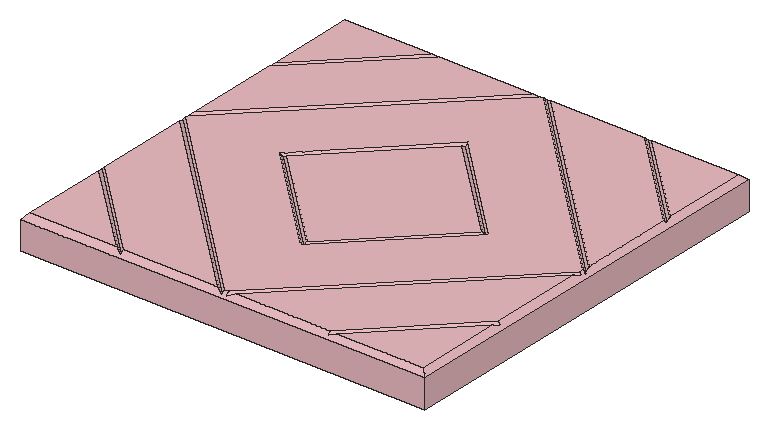
Revit family "ASKEW 2ft x 2ft", category Specialty Equipment, Revit 2023
Family settings
  Round Connector Dimension = Use Diameter
  Part Type = Normal
  OmniClass Number = 23.35.00.00
  OmniClass Title = Covering, Cladding, and Finishes
  Work Plane-Based = Yes
  Enable Cutting in Views = Yes
  Always vertical = No
  Cut with Voids When Loaded = No
  Maintain Annotation Orientation = No
  Shared = No
  Room Calculation Point = No
Parameters (values of type "2 INCH THICK - CUSTOM PAINTED - STANDARD")
  URL = "https://www.acousticalsurfaces.com/envirocoustic-wood-wool/designs/"
  Type Comments = "Acoustic panels for vertical and horizontal surfaces"
  Thickness = 0' - 2"
  Recycled Content Percentage = "0%"
  Model = "Envirocoustic Wood Wool"
  Material = "Envirocoustic Wood Wool"
  Manufacturer = "Acoustical Surfaces, Inc."
  Fire Rating = "ASTM E84 - Class A"
  Finish = Paint - Acoustical-Surfaces - Custom Painted
  Description = "Acoustic Panels"
  Default Elevation = 0' - 0"
  Backer Thickness = 0' - 1"
  Backer = no
  Assembly Code = "C30"
  Acoustics - NRC = "Sound absorption varies from NRC 0.45 to 0.95 based on installation method used when tested per ASTM C423."
Types (27): name | Thickness | Finish | Backer Thickness | Backer
  2 INCH THICK - CUSTOM PAINTED - STANDARD | 0' - 2" | Paint - Acoustical-Surfaces - Custom Painted | 0' - 1" | no
  2 INCH THICK - PRIMED WHITE - STANDARD | 0' - 2" | Paint - Acoustical-Surfaces - Primed White | 0' - 1" | no
  2 INCH THICK - PRIMED CLEAR - STANDARD | 0' - 2" | Paint - Acoustical-Surfaces - Primed Clear | 0' - 1" | no
  2 INCH THICK - PRIMED WHITE - 2 INCH CFAB BACKER | 0' - 2" | Paint - Acoustical-Surfaces - Primed White | 0' - 2" | yes
  2 INCH THICK - PRIMED WHITE - 1 INCH CFAB BACKER | 0' - 2" | Paint - Acoustical-Surfaces - Primed White | 0' - 1" | yes
  2 INCH THICK - PRIMED CLEAR - 2 INCH CFAB BACKER | 0' - 2" | Paint - Acoustical-Surfaces - Primed Clear | 0' - 2" | yes
  2 INCH THICK - PRIMED CLEAR - 1 INCH CFAB BACKER | 0' - 2" | Paint - Acoustical-Surfaces - Primed Clear | 0' - 1" | yes
  2 INCH THICK - CUSTOM PAINTED - 2 INCH CFAB BACKER | 0' - 2" | Paint - Acoustical-Surfaces - Custom Painted | 0' - 2" | yes
  2 INCH THICK - CUSTOM PAINTED - 1 INCH CFAB BACKER | 0' - 2" | Paint - Acoustical-Surfaces - Custom Painted | 0' - 1" | yes
  1-3/8 INCH THICK - CUSTOM PAINTED - STANDARD | 0' - 1 3/8" | Paint - Acoustical-Surfaces - Custom Painted | 0' - 1" | no
  1-3/8 INCH THICK - PRIMED WHITE - STANDARD | 0' - 1 3/8" | Paint - Acoustical-Surfaces - Primed White | 0' - 1" | no
  1-3/8 INCH THICK - PRIMED CLEAR - STANDARD | 0' - 1 3/8" | Paint - Acoustical-Surfaces - Primed Clear | 0' - 1" | no
  1-3/8 INCH THICK - PRIMED WHITE - 2 INCH CFAB BACKER | 0' - 1 3/8" | Paint - Acoustical-Surfaces - Primed White | 0' - 2" | yes
  1-3/8 INCH THICK - PRIMED WHITE - 1 INCH CFAB BACKER | 0' - 1 3/8" | Paint - Acoustical-Surfaces - Primed White | 0' - 1" | yes
  1-3/8 INCH THICK - PRIMED CLEAR - 2 INCH CFAB BACKER | 0' - 1 3/8" | Paint - Acoustical-Surfaces - Primed Clear | 0' - 2" | yes
  1-3/8 INCH THICK - PRIMED CLEAR - 1 INCH CFAB BACKER | 0' - 1 3/8" | Paint - Acoustical-Surfaces - Primed Clear | 0' - 1" | yes
  1-3/8 INCH THICK - CUSTOM PAINTED - 2 INCH CFAB BACKER | 0' - 1 3/8" | Paint - Acoustical-Surfaces - Custom Painted | 0' - 2" | yes
  1-3/8 INCH THICK - CUSTOM PAINTED - 1 INCH CFAB BACKER | 0' - 1 3/8" | Paint - Acoustical-Surfaces - Custom Painted | 0' - 1" | yes
  1 INCH THICK - CUSTOM PAINTED - STANDARD | 0' - 1" | Paint - Acoustical-Surfaces - Custom Painted | 0' - 1" | no
  1 INCH THICK - PRIMED WHITE - STANDARD | 0' - 1" | Paint - Acoustical-Surfaces - Primed White | 0' - 1" | no
  1 INCH THICK - PRIMED CLEAR - STANDARD | 0' - 1" | Paint - Acoustical-Surfaces - Primed Clear | 0' - 1" | no
  1 INCH THICK - PRIMED WHITE - 2 INCH CFAB BACKER | 0' - 1" | Paint - Acoustical-Surfaces - Primed White | 0' - 2" | yes
  1 INCH THICK - PRIMED WHITE - 1 INCH CFAB BACKER | 0' - 1" | Paint - Acoustical-Surfaces - Primed White | 0' - 1" | yes
  1 INCH THICK - PRIMED CLEAR - 2 INCH CFAB BACKER | 0' - 1" | Paint - Acoustical-Surfaces - Primed Clear | 0' - 2" | yes
  1 INCH THICK - PRIMED CLEAR - 1 INCH CFAB BACKER | 0' - 1" | Paint - Acoustical-Surfaces - Primed Clear | 0' - 1" | yes
  1 INCH THICK - CUSTOM PAINTED - 2 INCH CFAB BACKER | 0' - 1" | Paint - Acoustical-Surfaces - Custom Painted | 0' - 2" | yes
  1 INCH THICK - CUSTOM PAINTED - 1 INCH CFAB BACKER | 0' - 1" | Paint - Acoustical-Surfaces - Custom Painted | 0' - 1" | yes
Reference planes (in)
  plane 1 "Center (Front/Back)": y = 0
  plane 2: z = 0
  plane 3 "Center (Left/Right)": x = 0
  plane 4: x = -12
  plane 5: x = 12
  plane 6: y = 12
  plane 7: y = -12
  plane 8: z = 2
  plane 9: z = -1
Forms (in)
  Extrusion 1, solid, material "Paint - Acoustical-Surfaces - Custom Painted" <- "Finish"
    sketch origin (0, 0, 0) x (1, 0, 0) y (0, 1, 0)
      loop
        line (12, 12) -> (-12, 12) -> (-12, -12) -> (12, -12) -> (12, 12)
    from 0 to 2
  Sweep 2, void
    path in 3D
      loop
        line (12, 12, 2) -> (-12, 12, 2) -> (-12, -12, 2) -> (12, -12, 2) -> (12, 12, 2)
    profile "Triangle : Family2" origin (12, 0, 2) x (-1, 0, 0) y (0, 0, 1)
      loop
        line (0, 0) -> (0, -0.315) -> (0.315, 0) -> (0, 0)
  Extrusion 3, solid, visible <- "Backer"
    sketch origin (0, 0, 0) x (1, 0, 0) y (0, 1, 0)
      loop
        line (12, 12) -> (-12, 12) -> (-12, -12) -> (12, -12) -> (12, 12)
    from 0 to -1
  Sweep 4, void
    path origin (0, 0, 2) x (1, 0, 0) y (0, 1, 0)
      loop
        line (6, 12) -> (12, 6)
    profile "Groove : Family2" origin (9, 9, 2) x (0.707107, 0.707107, 0) y (0, 0, 1)
      loop
        line (-0.1575, 0) -> (0, -0.1575) -> (0.1575, 0) -> (-0.1575, 0)
  Sweep 5, void
    path origin (0, 0, 2) x (1, 0, 0) y (0, 1, 0)
      loop
        line (12, 0) -> (0, 12) -> (-12, 0) -> (0, -12) -> (12, 0)
    profile "Groove : Family2" origin (6, 6, 2) x (-0.707107, -0.707107, 0) y (0, 0, 1)
      loop
        line (-0.1575, 0) -> (0, -0.1575) -> (0.1575, 0) -> (-0.1575, 0)
  Sweep 6, void
    path origin (0, 0, 2) x (1, 0, 0) y (0, 1, 0)
      loop
        line (6, 0) -> (0, 6) -> (-6, 0) -> (0, -6) -> (6, 0)
    profile "Groove : Family2" origin (3, 3, 2) x (-0.707107, -0.707107, 0) y (0, 0, 1)
      loop
        line (-0.1575, 0) -> (0, -0.1575) -> (0.1575, 0) -> (-0.1575, 0)
  Sweep 7, void
    path origin (0, 0, 2) x (1, 0, 0) y (0, 1, 0)
      loop
        line (12, -6) -> (6.00002, -12)
    profile "Groove : Family2" origin (9.00001, -9, 2) x (0.707108, -0.707106, 0) y (0, 0, 1)
      loop
        line (-0.1575, 0) -> (0, -0.1575) -> (0.1575, 0) -> (-0.1575, 0)
  Sweep 8, void
    path origin (0, 0, 2) x (1, 0, 0) y (0, 1, 0)
      loop
        line (-6, 12) -> (-12, 6)
    profile "Groove : Family2" origin (-9, 9, 2) x (0.707107, -0.707107, 0) y (0, 0, 1)
      loop
        line (-0.1575, 0) -> (0, -0.1575) -> (0.1575, 0) -> (-0.1575, 0)
  Sweep 9, void
    path origin (0, 0, 2) x (1, 0, 0) y (0, 1, 0)
      loop
        line (-12, -6) -> (-6.00002, -12)
    profile "Groove : Family2" origin (-9.00001, -9, 2) x (0.707108, 0.707106, 0) y (0, 0, 1)
      loop
        line (-0.1575, 0) -> (0, -0.1575) -> (0.1575, 0) -> (-0.1575, 0)
Cuts and joins
  Sweep 2, Sweep 4, Sweep 5, Sweep 6, Sweep 7, Sweep 8, Sweep 9 cuts Extrusion 1
Lines and regions (in)
  sketch lines
    curve 1: line (12, -12, 2) -> (12, 12, 2)
    curve 2: line (-12, -12, 2) -> (12, -12, 2)
    curve 3: line (-12, 12, 2) -> (-12, -12, 2)
    curve 4: line (12, 12, 2) -> (-12, 12, 2)
Dimensions and locks (in)
  equal spacing: plane 4, plane 3 "Center (Left/Right)", plane 5
  equal spacing: plane 7, plane 1 "Center (Front/Back)", plane 6
  plane 7 to plane 6 = 2' - 0"
  locked: plane 4 to plane 5 at 24
  "Thickness": plane 8 to level
  "Backer Thickness": level to plane 9
  aligned and locked: level to plane 2
  aligned and locked: Extrusion 1 sketch curve to plane 4
  aligned and locked: plane 5 to Extrusion 1 sketch curve
  aligned and locked: Extrusion 1 sketch curve to plane 6
  aligned and locked: Extrusion 1 sketch curve to plane 7
  aligned and locked: Extrusion 1 to plane 8
  aligned and locked: Extrusion 3 sketch curve to plane 4
  aligned and locked: plane 5 to Extrusion 3 sketch curve
  aligned and locked: Extrusion 3 sketch curve to plane 6
  aligned and locked: Extrusion 3 sketch curve to plane 7
  aligned and locked: plane 9 to Extrusion 3
Automatic sketch dimensions
  Sweep 5 sketch curve to Extrusion 1 = 0' - 0"  (x3)
  Extrusion 1 to Sweep 5 sketch curve = 0' - 0"
  Sweep 5 sketch curve to Extrusion 1 = 1' - 0"  (x4)
  Sweep 6 sketch curve to Extrusion 1 = 1' - 0"
  Sweep 6 sketch curve to Sweep 6 sketch curve = 0' - 6"  (x2)
  Sweep 6 sketch curve to Extrusion 1 = 0' - 6"  (x2)
